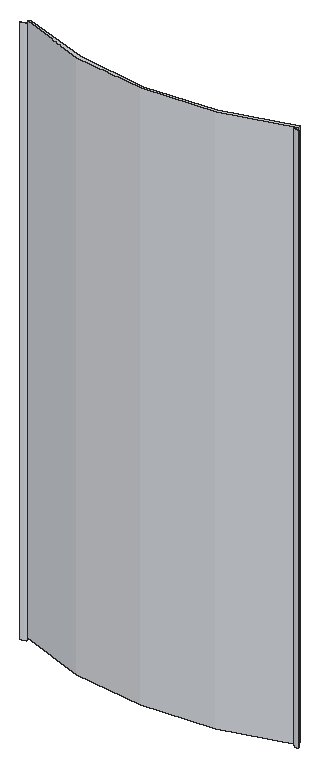
Revit family "Forte 8ft Tower No Doors", category Furniture, Revit 2011
Parameters (values of type "Forte 16' Tower")
  URL = "http://www.wengercorp.com/Home/Contact.html"
  Tower Label = Labels : 16ft
  Tower Height (16', 17', 18', 19', 20') = 16' - 0"
  Toekick Material [instance] = none
  RH End Panel [instance] = no
  Model = "60"
  Manufacturer = "Wenger Corporation"
  LH End Panel [instance] = no
  End Panel Material [instance] = none
  Edge Banding Material [instance] = none
  Door Material [instance] = none
  Description = "Standard 16' Forte Tower"
  Assembly Code = ""
Types (5): name | Tower Label | Tower Height (16', 17', 18', 19', 20') | Description
  Forte 16' Tower | Labels : 16ft | 16' - 0" | "Standard 16' Forte Tower"
  Forte 17' Tower | Labels : 17ft | 17' - 0" | "Standard 17ft Forte Tower"
  Forte 18' Tower | Labels : 18ft | 18' - 0" | "Standard 18ft Forte Tower"
  Forte 19' Tower | Labels : 19ft | 19' - 0" | "Standard 19ft Forte Tower"
  Forte 20' Tower | Labels : 20ft | 20' - 0" | "Standard 20ft Forte Tower"
Reference planes (in)
  plane 1: z = -15
  plane 2: z = 1.5
  plane 3: z = 0
  plane 4 "Panel Line": y = 788.05204
  plane 5 "Panel Line 8' h": z = 98.88281
  plane 6 "Panel Line 4' h": z = 52.3125
  plane 7 "Panel Line 12' h": z = 145.4375
  plane 8 "Panel Top 16'": z = 192
  plane 9 "Storage Panel Top": z = 32
  plane 10: x = 27.87036
  plane 11: x = 61.37707
  plane 12 "Storage Door Vertical": y = 779.68397
  plane 13: z = 192
  plane 14: z = 184
  plane 15: z = 182
Forms (in)
  Extrusion 1, solid
    sketch origin (0, 0, 0.5) x (0, -1, 0) y (1, 0, 0)
      loop
        arc (-788.05204, -2.10568) -> (-778.50111, 44.60534) -> (-788.04976, 91.31682) r 119.01526
        line (-788.04976, 91.31682) -> (-788.96951, 90.92437)
        arc (-788.96951, 90.92437) -> (-779.50113, 44.60536) -> (-788.97177, -1.71318) r 118.01559
        line (-788.97177, -1.71318) -> (-788.05204, -2.10568)
    from 1 to 191.5
  Extrusion 2, solid
    sketch origin (0, 0, 5.75) x (0, -1, 0) y (1, 0, 0)
      loop
        line (-814.48958, 31.889) -> (-814.48958, 57.32749) -> (-818.48958, 57.32749) -> (-818.48958, 31.889) -> (-814.48958, 31.889)
    from 0 to 4
  Extrusion 3, solid
    sketch origin (0, 0, 5.75) x (0, -1, 0) y (1, 0, 0)
      loop
        line (-818.48958, 34.09243) -> (-817.35949, 34.09243)
        arc (-817.35949, 34.09243) -> (-816.48449, 34.96743) -> (-815.60949, 34.09243) r 0.875
        line (-815.60949, 34.09243) -> (-814.48958, 34.09243) -> (-814.48958, 55.13162) -> (-815.61411, 55.13162)
        arc (-815.61411, 55.13162) -> (-816.48092, 54.26481) -> (-817.34773, 55.13162) r 0.86681
        line (-817.34773, 55.13162) -> (-818.48958, 55.13162) -> (-818.48958, 34.09243)
    from 4 to 12
  Extrusion 4, solid
    sketch origin (0, 0, 5.75) x (0, -1, 0) y (1, 0, 0)
      loop
        line (-785.88036, 27.28815) -> (-814.48958, 33.36922) -> (-814.48958, 31.889) -> (-785.88036, 25.80792) -> (-785.88036, 27.28815)
    from 0 to 4
  Extrusion 5, solid
    sketch origin (0, 0, 5.75) x (0, -1, 0) y (1, 0, 0)
      loop
        line (-785.88036, 61.92834) -> (-785.88036, 63.40828) -> (-814.48958, 57.32749) -> (-814.48958, 55.84726) -> (-785.88036, 61.92834)
    from 0 to 4
  Extrusion 6, solid
    sketch origin (0, 0.03125, 9.75) x (0, -1, 0) y (1, 0, 0)
      loop
        line (-816.8385, 55.7981) -> (-817.21612, 55.14405) -> (-816.8385, 54.48999) -> (-816.08326, 54.48999) -> (-815.70564, 55.14405) -> (-816.08326, 55.7981) -> (-816.8385, 55.7981)
    from 0 to 15.75
  Extrusion 7, solid
    sketch origin (-21.04546, 0.03125, 9.75) x (0, -1, 0) y (1, 0, 0)
      loop
        line (-816.8385, 55.7981) -> (-817.21612, 55.14405) -> (-816.8385, 54.48999) -> (-816.08326, 54.48999) -> (-815.70564, 55.14405) -> (-816.08326, 55.7981) -> (-816.8385, 55.7981)
    from 0 to 15.75
  Extrusion 8, solid
    sketch origin (-179.68383, 21.84325, 0.375) x (0.207912, 0.978148, 0) y (0, 0, 1)
      loop
        line (809.23958, 9.75) -> (790.11821, 24.15899) -> (790.11821, 22.65899) -> (807.73168, 9.38628) -> (809.72225, 9.38628) -> (809.23958, 9.75)
    from 42.27597 to 43.44341
  Extrusion 9, solid
    sketch origin (0, 0, 5.75) x (0, -1, 0) y (1, 0, 0)
      loop
        line (-781.2366, 24.8363) -> (-780.88935, 26.80566) -> (-785.55916, 27.62907) -> (-785.88028, 25.8079) -> (-781.2366, 24.8363)
    from 4 to 178.25
  Extrusion 10, solid
    sketch origin (268.90783, 21.84325, 0.375) x (-0.207912, 0.978148, 0) y (0, 0, -1)
      loop
        line (809.23958, -9.75) -> (809.72225, -9.38628) -> (807.73168, -9.38628) -> (790.11821, -22.65899) -> (790.11821, -24.15899) -> (809.23958, -9.75)
    from 42.27597 to 43.44341
  Extrusion 11, solid
    sketch origin (89.22399, 0, 5.75) x (0, -1, 0) y (1, 0, 0)
      loop
        line (-781.22862, -24.83463) -> (-785.88028, -25.8079) -> (-785.55916, -27.62907) -> (-780.88132, -26.80424) -> (-781.22862, -24.83463)
    from 4 to 178.25
  Extrusion 12, solid
    sketch origin (0, 0, 182) x (0, -1, 0) y (1, 0, 0)
      loop
        line (-785.55916, 27.62907) -> (-780.88132, 26.80424)
        arc (-780.88132, 26.80424) -> (-779.50188, 44.612) -> (-780.88132, 62.41975) r 115.63339
        line (-780.88132, 62.41975) -> (-785.55916, 61.59492) -> (-785.55916, 27.62907)
    from 0 to 2
  Extrusion 13, solid
    sketch origin (0, 0, 36) x (0, -1, 0) y (1, 0, 0)
      loop
        line (-785.55916, 27.62907) -> (-780.88132, 26.80424)
        arc (-780.88132, 26.80424) -> (-779.50188, 44.612) -> (-780.88132, 62.41975) r 115.63339
        line (-780.88132, 62.41975) -> (-785.55916, 61.59492) -> (-785.55916, 27.62907)
    from 0 to 2
  Extrusion 14, solid
    sketch origin (0, 0, 2.75) x (0, -1, 0) y (1, 0, 0)
      loop
        line (-785.89434, 25.81085) -> (-781.17172, 24.82261) -> (-780.7542, 27.79342) -> (-785.89434, 28.88599) -> (-785.89434, 25.81085)
    from 1.25 to 7
  Extrusion 15, solid
    sketch origin (89.22399, 0, 2.75) x (0, -1, 0) y (1, 0, 0)
      loop
        line (-785.89434, -25.81085) -> (-785.89434, -28.88599) -> (-780.7542, -27.79342) -> (-781.17172, -24.82261) -> (-785.89434, -25.81085)
    from 1.25 to 7
  Extrusion 16, solid
    sketch origin (-21.04546, 0.03125, 2.75) x (0, -1, 0) y (1, 0, 0)
      loop
        line (-816.8385, 55.7981) -> (-817.21612, 55.14405) -> (-816.8385, 54.48999) -> (-816.08326, 54.48999) -> (-815.70564, 55.14405) -> (-816.08326, 55.7981) -> (-816.8385, 55.7981)
    from 1.25 to 3
  Extrusion 17, solid
    sketch origin (0, 0.03125, 2.75) x (0, -1, 0) y (1, 0, 0)
      loop
        line (-816.8385, 55.7981) -> (-817.21612, 55.14405) -> (-816.8385, 54.48999) -> (-816.08326, 54.48999) -> (-815.70564, 55.14405) -> (-816.08326, 55.7981) -> (-816.8385, 55.7981)
    from 1.25 to 3
  Extrusion 18, solid
    sketch origin (0, 0, 0) x (0, -1, 0) y (1, 0, 0)
      loop
        line (-786.56615, -3.38412) -> (-786.4804, -3.38412)
        arc (-786.4804, -3.38412) -> (-786.61683, -2.34784) -> (-787.01681, -1.38218) r 4.00387
        line (-787.01681, -1.38218) -> (-787.09455, -1.45992)
        arc (-787.09455, -1.45992) -> (-786.70856, -2.38857) -> (-786.56615, -3.38412) r 4.00387
    from 1.5 to 192
  Extrusion 19, solid
    sketch origin (89.22399, 0, 0) x (0, -1, 0) y (1, 0, 0)
      loop
        arc (-786.56615, 3.38412) -> (-786.70856, 2.38857) -> (-787.09455, 1.45992) r 4.00387
        line (-787.09455, 1.45992) -> (-787.01681, 1.38218)
        arc (-787.01681, 1.38218) -> (-786.61683, 2.34784) -> (-786.4804, 3.38412) r 4.00387
        line (-786.4804, 3.38412) -> (-786.56615, 3.38412)
    from 1.5 to 192
  Extrusion 20, solid
    sketch origin (33.39227, 0, 0) x (0, 1, 0) y (0, 0, 1)
      loop
        line (814.49213, 2) -> (815.07791, 0.58579) -> (816.49213, 0) -> (817.90634, 0.58579) -> (818.49213, 2) -> (817.90634, 3.41421) -> (816.49213, 4) -> (815.07791, 3.41421) -> (814.49213, 2)
    from 0 to 1.5
  Extrusion 21, solid
    sketch origin (26.13887, -33.13714, 0) x (0, 1, 0) y (0, 0, 1)
      loop
        line (814.49213, 2) -> (815.07791, 0.58579) -> (816.49213, 0) -> (817.90634, 0.58579) -> (818.49213, 2) -> (817.90634, 3.41421) -> (816.49213, 4) -> (815.07791, 3.41421) -> (814.49213, 2)
    from 0 to 1.5
  Extrusion 22, solid
    sketch origin (55.83172, 0, 0) x (0, 1, 0) y (0, 0, -1)
      loop
        line (814.49213, -2) -> (815.07791, -3.41421) -> (816.49213, -4) -> (817.90634, -3.41421) -> (818.49213, -2) -> (817.90634, -0.58579) -> (816.49213, 0) -> (815.07791, -0.58579) -> (814.49213, -2)
    from 0 to 1.5
  Extrusion 23, solid
    sketch origin (63.08513, -33.13714, 0) x (0, 1, 0) y (0, 0, -1)
      loop
        line (814.49213, -2) -> (815.07791, -3.41421) -> (816.49213, -4) -> (817.90634, -3.41421) -> (818.49213, -2) -> (817.90634, -0.58579) -> (816.49213, 0) -> (815.07791, -0.58579) -> (814.49213, -2)
    from 0 to 1.5
Lines and regions (in)
  model lines
    curve 1: arc (-2.10568, 788.05204, 98.88281) -> (44.60824, 778.25111, 98.88281) -> (91.32217, 788.05204, 98.88281) r 116.22625
    curve 2: arc (-2.10193, 788.05204, 98.88281) -> (44.612, 778.25111, 98.88281) -> (91.32592, 788.05204, 98.88281) r 116.22625
    curve 3: arc (-2.10568, 788.05204, 145.4375) -> (44.60824, 778.25111, 145.4375) -> (91.32217, 788.05204, 145.4375) r 116.22625
    curve 4: arc (-2.10568, 788.05204, 52.3125) -> (44.60824, 778.25111, 52.3125) -> (91.32217, 788.05204, 52.3125) r 116.22625
    curve 5: line (27.87036, 779.68397, 32) -> (27.87036, 779.68397, 1.5)
    curve 6: line (61.37707, 779.68397, 32) -> (61.37707, 779.68397, 1.5)
    curve 7: arc (27.83234, 779.63961, 32) -> (44.62338, 778.45402, 32) -> (61.41442, 779.63952, 32) r 119.5
    curve 8: arc (-2.19783, 787.83611, 192) -> (44.60824, 778.26634, 192) -> (91.41431, 787.83611, 192) r 119.25
Dimensions and locks (in)
  Extrusion 1 to plane 7 "Panel Line 12' h" = 3' - 10 9/16"
  plane 7 "Panel Line 12' h" to plane 5 "Panel Line 8' h" = 3' - 10 71/128"
  plane 5 "Panel Line 8' h" to plane 6 "Panel Line 4' h" = 3' - 10 73/128"
  "Tower Height (16', 17', 18', 19', 20')": plane 8 "Panel Top 16'" to level
  plane 9 "Storage Panel Top" to level = 2' - 8"
  locked: plane 14 to plane 8 "Panel Top 16'" at 8
  locked: plane 15 to plane 14 at 2
  aligned and locked: plane 8 "Panel Top 16'" to Extrusion 1
  aligned and locked: Extrusion 1 to Extrusion 18
  aligned and locked: Extrusion 19 to Extrusion 1
  aligned and locked: Extrusion 9 to Extrusion 11
  aligned and locked: Extrusion 9 to Extrusion 12
  aligned and locked: Extrusion 12 to Extrusion 11
  aligned and locked: Extrusion 12 to plane 15
  aligned and locked: plane 14 to Extrusion 9
Automatic sketch dimensions
  Extrusion 1 sketch curve to plane 4 "Panel Line" = 0' - 0"
  plane 4 "Panel Line" to Extrusion 1 sketch curve = 0' - 0.91748"
  plane 4 "Panel Line" to Extrusion 1 sketch curve = 0' - 0.91974"
  Extrusion 1 sketch curve to plane 10 = 1' - 4.73788"
  plane 4 "Panel Line" to Extrusion 1 sketch curve = 9' - 1.46434"
  Extrusion 1 sketch curve to Extrusion 1 sketch curve = 0' - 0.00034"
  Extrusion 1 sketch curve to plane 4 "Panel Line" = 0' - 0.00228"
  Extrusion 1 sketch curve to Extrusion 1 sketch curve = 0' - 0"
  plane 10 to Extrusion 1 sketch curve = 2' - 5.58354"
  Extrusion 1 sketch curve to Extrusion 1 sketch curve = 0' - 0.3925"
  Extrusion 2 sketch curve to plane 10 = 0' - 4.01863"
  plane 4 "Panel Line" to Extrusion 2 sketch curve = 2' - 6.43754"
  Extrusion 2 sketch curve to Extrusion 2 sketch curve = 0' - 4"
  plane 11 to Extrusion 2 sketch curve = 0' - 4.04958"
  Extrusion 3 sketch curve to plane 10 = 0' - 6.22207"
  plane 4 "Panel Line" to Extrusion 3 sketch curve = 2' - 6.43754"
  Extrusion 3 sketch curve to Extrusion 3 sketch curve = 0' - 1.13009"
  Extrusion 3 sketch curve to Extrusion 3 sketch curve = 0' - 1.14185"
  Extrusion 3 sketch curve to Extrusion 3 sketch curve = 0' - 0 7/8"
  Extrusion 3 sketch curve to Extrusion 3 sketch curve = 0' - 0.86681"
  Extrusion 3 sketch curve to Extrusion 3 sketch curve = 0' - 1.11991"
  plane 11 to Extrusion 3 sketch curve = 0' - 6.24545"
  Extrusion 4 sketch curve to plane 10 = 0' - 4.01863"
  plane 4 "Panel Line" to Extrusion 4 sketch curve = 2' - 2.43754"
  plane 10 to Extrusion 4 sketch curve = 0' - 0.58222"
  Extrusion 4 sketch curve to plane 4 "Panel Line" = 0' - 2.17167"
  Extrusion 4 sketch curve to Extrusion 4 sketch curve = 0' - 1.48023"  (x2)
  plane 11 to Extrusion 5 sketch curve = 0' - 4.04958"
  plane 4 "Panel Line" to Extrusion 5 sketch curve = 2' - 2.43754"
  Extrusion 5 sketch curve to plane 11 = 0' - 0.55127"
  Extrusion 5 sketch curve to plane 4 "Panel Line" = 0' - 2.17167"
  Extrusion 5 sketch curve to Extrusion 5 sketch curve = 0' - 1.48023"
  Extrusion 5 sketch curve to Extrusion 5 sketch curve = 0' - 1.47994"
  plane 11 to Extrusion 6 sketch curve = 0' - 6.23302"  (x2)
  plane 4 "Panel Line" to Extrusion 6 sketch curve = 2' - 5.19533"
  plane 11 to Extrusion 6 sketch curve = 0' - 5.57896"
  Extrusion 6 sketch curve to Extrusion 6 sketch curve = 0' - 0.37762"  (x3)
  plane 11 to Extrusion 6 sketch curve = 0' - 6.88708"
  Extrusion 6 sketch curve to Extrusion 6 sketch curve = 0' - 0.75524"  (x2)
  Extrusion 7 sketch curve to plane 10 = 0' - 6.22822"  (x2)
  plane 4 "Panel Line" to Extrusion 7 sketch curve = 2' - 5.19533"
  Extrusion 7 sketch curve to plane 10 = 0' - 6.88228"
  Extrusion 7 sketch curve to Extrusion 7 sketch curve = 0' - 0.37762"  (x3)
  Extrusion 7 sketch curve to plane 10 = 0' - 5.57416"
  Extrusion 7 sketch curve to Extrusion 7 sketch curve = 0' - 0.75524"  (x2)
  Extrusion 8 sketch curve to plane 9 "Storage Panel Top" = 0' - 7.46601"
  plane 2 to Extrusion 8 sketch curve = 0' - 8.26128"
  Extrusion 8 sketch curve to Extrusion 8 sketch curve = 1' - 5.61348"
  plane 2 to Extrusion 8 sketch curve = 0' - 8 5/8"
  Extrusion 8 sketch curve to Extrusion 8 sketch curve = 0' - 1.5079"
  Extrusion 8 sketch curve to Extrusion 8 sketch curve = 0' - 0.48267"
  Extrusion 8 sketch curve to Extrusion 8 sketch curve = 0' - 1 1/2"
  Extrusion 9 sketch curve to plane 4 "Panel Line" = 0' - 2.17176"
  plane 10 to Extrusion 9 sketch curve = 0' - 0.24129"
  Extrusion 9 sketch curve to Extrusion 9 sketch curve = 0' - 0.32112"
  plane 12 "Storage Door Vertical" to Extrusion 9 sketch curve = 0' - 1.55263"
  plane 10 to Extrusion 9 sketch curve = 0' - 1.0647"
  Extrusion 9 sketch curve to Extrusion 9 sketch curve = 0' - 0.34725"
  Extrusion 10 sketch curve to plane 9 "Storage Panel Top" = 0' - 7.46601"
  plane 2 to Extrusion 10 sketch curve = 0' - 8.26128"
  Extrusion 10 sketch curve to Extrusion 10 sketch curve = 1' - 5.61348"
  plane 2 to Extrusion 10 sketch curve = 0' - 8 5/8"
  Extrusion 10 sketch curve to Extrusion 10 sketch curve = 0' - 1.5079"
  Extrusion 10 sketch curve to Extrusion 10 sketch curve = 0' - 0.48267"
  Extrusion 10 sketch curve to Extrusion 10 sketch curve = 0' - 1 1/2"
  Extrusion 11 sketch curve to plane 4 "Panel Line" = 0' - 2.17176"
  Extrusion 11 sketch curve to plane 11 = 0' - 0.21785"
  Extrusion 11 sketch curve to Extrusion 11 sketch curve = 0' - 0.32112"
  plane 12 "Storage Door Vertical" to Extrusion 11 sketch curve = 0' - 1.54465"
  Extrusion 11 sketch curve to plane 11 = 0' - 1.04268"
  Extrusion 11 sketch curve to Extrusion 11 sketch curve = 0' - 0.3473"
  Extrusion 12 sketch curve to plane 10 = 1' - 4.74163"
  plane 4 "Panel Line" to Extrusion 12 sketch curve = 8' - 11.08324"
  Extrusion 12 sketch curve to plane 11 = 0' - 0.21785"
  Extrusion 12 sketch curve to plane 4 "Panel Line" = 0' - 2.49288"
  plane 12 "Storage Door Vertical" to Extrusion 12 sketch curve = 0' - 1.19735"
  Extrusion 12 sketch curve to plane 11 = 0' - 1.04268"
  Extrusion 12 sketch curve to Extrusion 12 sketch curve = 0' - 4.67784"
  plane 10 to Extrusion 12 sketch curve = 0' - 0.24129"
  Extrusion 13 sketch curve to plane 10 = 1' - 4.74163"
  plane 4 "Panel Line" to Extrusion 13 sketch curve = 8' - 11.08324"
  Extrusion 13 sketch curve to plane 11 = 0' - 0.21785"
  Extrusion 13 sketch curve to plane 4 "Panel Line" = 0' - 2.49288"
  plane 12 "Storage Door Vertical" to Extrusion 13 sketch curve = 0' - 1.19735"
  Extrusion 13 sketch curve to plane 11 = 0' - 1.04268"
  Extrusion 13 sketch curve to Extrusion 13 sketch curve = 0' - 4.67784"
  plane 10 to Extrusion 13 sketch curve = 0' - 0.24129"
  Extrusion 14 sketch curve to plane 10 = 0' - 1 1/64"
  Extrusion 14 sketch curve to plane 4 "Panel Line" = 0' - 2.15769"
  plane 12 "Storage Door Vertical" to Extrusion 14 sketch curve = 0' - 1.48775"
  plane 10 to Extrusion 14 sketch curve = 0' - 0.07695"
  plane 12 "Storage Door Vertical" to Extrusion 14 sketch curve = 0' - 1.07023"
  plane 10 to Extrusion 14 sketch curve = 0' - 2.05952"
  Extrusion 14 sketch curve to Extrusion 14 sketch curve = 0' - 2.9708"
  plane 11 to Extrusion 15 sketch curve = 0' - 1 5/128"
  Extrusion 15 sketch curve to plane 4 "Panel Line" = 0' - 2.15769"
  plane 12 "Storage Door Vertical" to Extrusion 15 sketch curve = 0' - 1.48775"
  Extrusion 15 sketch curve to plane 11 = 0' - 0.05351"
  plane 12 "Storage Door Vertical" to Extrusion 15 sketch curve = 0' - 1.07023"
  Extrusion 15 sketch curve to plane 11 = 0' - 2.03608"
  Extrusion 15 sketch curve to Extrusion 15 sketch curve = 0' - 2.9708"
  Extrusion 16 sketch curve to plane 10 = 0' - 6.22822"  (x2)
  plane 4 "Panel Line" to Extrusion 16 sketch curve = 2' - 5.19533"
  Extrusion 16 sketch curve to plane 10 = 0' - 6.88228"
  Extrusion 16 sketch curve to Extrusion 16 sketch curve = 0' - 0.37762"  (x3)
  Extrusion 16 sketch curve to plane 10 = 0' - 5.57416"
  Extrusion 16 sketch curve to Extrusion 16 sketch curve = 0' - 0.75524"  (x2)
  plane 11 to Extrusion 17 sketch curve = 0' - 6.23302"  (x2)
  plane 4 "Panel Line" to Extrusion 17 sketch curve = 2' - 5.19533"
  plane 11 to Extrusion 17 sketch curve = 0' - 5.57896"
  Extrusion 17 sketch curve to Extrusion 17 sketch curve = 0' - 0.37762"  (x3)
  plane 11 to Extrusion 17 sketch curve = 0' - 6.88708"
  Extrusion 17 sketch curve to Extrusion 17 sketch curve = 0' - 0.75524"  (x2)
  plane 4 "Panel Line" to Extrusion 18 sketch curve = 0' - 2.51747"
  Extrusion 18 sketch curve to Extrusion 18 sketch curve = 0' - 0.08523"
  Extrusion 18 sketch curve to plane 4 "Panel Line" = 0' - 0.95748"
  Extrusion 18 sketch curve to Extrusion 18 sketch curve = 0' - 0.07774"
  Extrusion 18 sketch curve to plane 4 "Panel Line" = 0' - 1.48588"
  Extrusion 18 sketch curve to Extrusion 18 sketch curve = 0' - 0.08575"
  plane 10 to Extrusion 18 sketch curve = 2' - 7.31919"
  Extrusion 18 sketch curve to Extrusion 18 sketch curve = 0' - 0.0647"
  plane 4 "Panel Line" to Extrusion 19 sketch curve = 0' - 2.51747"
  Extrusion 19 sketch curve to Extrusion 19 sketch curve = 0' - 0.08523"
  Extrusion 19 sketch curve to plane 4 "Panel Line" = 0' - 0.95748"
  Extrusion 19 sketch curve to Extrusion 19 sketch curve = 0' - 0.07774"  (x2)
  Extrusion 19 sketch curve to plane 4 "Panel Line" = 0' - 1.48588"
  Extrusion 19 sketch curve to Extrusion 19 sketch curve = 0' - 0.08575"
  Extrusion 19 sketch curve to plane 11 = 2' - 5.22911"
  level to Extrusion 20 sketch curve = 0' - 0"
  plane 2 to Extrusion 20 sketch curve = 0' - 0 1/2"  (x2)
  plane 4 "Panel Line" to Extrusion 20 sketch curve = 2' - 2.44009"
  level to Extrusion 20 sketch curve = 0' - 0.58579"  (x2)
  Extrusion 20 sketch curve to Extrusion 20 sketch curve = 0' - 0.58579"  (x3)
  plane 2 to Extrusion 20 sketch curve = 0' - 1.91421"  (x2)
  Extrusion 20 sketch curve to Extrusion 20 sketch curve = 0' - 1.41421"  (x4)
  plane 2 to Extrusion 20 sketch curve = 0' - 2 1/2"
  level to Extrusion 21 sketch curve = 0' - 0"
  plane 2 to Extrusion 21 sketch curve = 0' - 0 1/2"  (x2)
  plane 12 "Storage Door Vertical" to Extrusion 21 sketch curve = 0' - 1.67101"
  level to Extrusion 21 sketch curve = 0' - 0.58579"  (x2)
  Extrusion 21 sketch curve to Extrusion 21 sketch curve = 0' - 0.58579"  (x4)
  Extrusion 21 sketch curve to Extrusion 21 sketch curve = 0' - 1.41421"  (x6)
  Extrusion 22 sketch curve to level = 0' - 0"
  plane 2 to Extrusion 22 sketch curve = 0' - 0 1/2"  (x2)
  plane 4 "Panel Line" to Extrusion 22 sketch curve = 2' - 2.44009"
  level to Extrusion 22 sketch curve = 0' - 0.58579"  (x2)
  Extrusion 22 sketch curve to Extrusion 22 sketch curve = 0' - 0.58579"  (x3)
  plane 2 to Extrusion 22 sketch curve = 0' - 1.91421"  (x2)
  Extrusion 22 sketch curve to Extrusion 22 sketch curve = 0' - 1.41421"  (x4)
  plane 2 to Extrusion 22 sketch curve = 0' - 2 1/2"
  Extrusion 23 sketch curve to level = 0' - 0"
  plane 2 to Extrusion 23 sketch curve = 0' - 0 1/2"  (x2)
  plane 12 "Storage Door Vertical" to Extrusion 23 sketch curve = 0' - 1.67101"
  level to Extrusion 23 sketch curve = 0' - 0.58579"  (x2)
  Extrusion 23 sketch curve to Extrusion 23 sketch curve = 0' - 0.58579"  (x4)
  Extrusion 23 sketch curve to Extrusion 23 sketch curve = 0' - 1.41421"  (x6)
  curve 2 to plane 4 "Panel Line" = 0' - 0"  (x2)
  curve 1 to plane 4 "Panel Line" = 0' - 0"  (x2)
  curve 2 to plane 11 = 2' - 5.94885"
  curve 2 to curve 1 = 0' - 0.00375"  (x2)
  curve 2 to plane 10 = 1' - 4.74163"
  plane 4 "Panel Line" to curve 1 = 8' - 10.42533"
  curve 1 to curve 2 = 0' - 0"
  curve 3 to plane 4 "Panel Line" = 0' - 0"  (x2)
  curve 3 to plane 11 = 2' - 5.9451"
  curve 3 to plane 10 = 1' - 4.73788"
  plane 4 "Panel Line" to curve 3 = 8' - 10.42533"
  curve 4 to plane 4 "Panel Line" = 0' - 0"  (x2)
  curve 4 to plane 11 = 2' - 5.9451"
  curve 4 to plane 10 = 1' - 4.73788"
  plane 4 "Panel Line" to curve 4 = 8' - 10.42533"
  curve 6 to plane 9 "Storage Panel Top" = 0' - 0"
  plane 11 to curve 6 = 0' - 0"
  curve 5 to plane 2 = 0' - 0"
  plane 10 to curve 5 = 0' - 0"
  curve 6 to plane 2 = 0' - 0"
  curve 5 to plane 9 "Storage Panel Top" = 0' - 0"
  curve 8 to plane 4 "Panel Line" = 0' - 0.21593"  (x2)
  curve 8 to plane 11 = 2' - 6.03724"
  curve 8 to plane 10 = 1' - 4.73788"
  plane 4 "Panel Line" to curve 8 = 9' - 1.46431"
  curve 7 to plane 11 = 0' - 0.03735"
  curve 7 to plane 10 = 1' - 4.75335"
  plane 10 to curve 7 = 0' - 0.03802"
  plane 4 "Panel Line" to curve 7 = 9' - 1.90199"
  curve 7 to plane 12 "Storage Door Vertical" = 0' - 0.04436"
Nested families (in)
  nested 1: "Labels" at (44.56262, 798.81006, 0), type <- "Tower Label", type "16ft"
Definition of nested family "Labels"
  Parameters (values of type "Standard")
    Cabinet Label = "01"
  Types (4): name | Cabinet Label
    Standard | "01"
    Narrow | "01N"
    Narrow Acoustic | "01NA"
    Acoustic | "01A"
  Reference planes (in)
    plane 1: y = 0
    plane 2: x = 0
  Text (in)
    label "xxxx" at (-0.00018, 0.00754, 0), shows "Cabinet Label"
